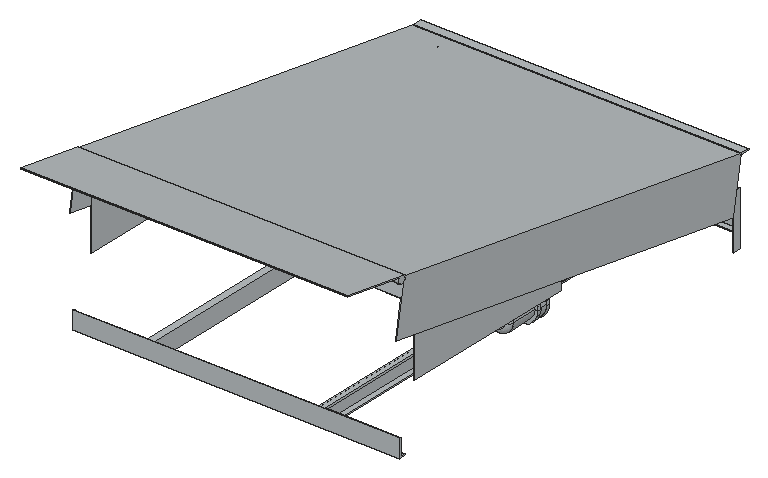
Revit family "DockEquipment_Leveler_Pentalift_HD-HC", category Specialty Equipment, host Face, Revit 2026
Family settings
  Host = Face
  Round Connector Dimension = Use Diameter
  Part Type = Normal
  Enable Cutting in Views = No
  Cut with Voids When Loaded = No
  Maintain Annotation Orientation = No
  Shared = No
  Room Calculation Point = No
Parameters
  XDim [instance] = if(Incline Angle = 0.00°, 0' 0", Unit Length - (InclHeight / tan(Incline Angle)))  # 0' - 1.45846"
  Warranty Duration (Years) = 0
  Unit Width = 6' - 0"
  Unit Length = 8' - 0"
  Unit Depth = 1' - 7"
  URL = "http://www.pentalift.com/index.php"
  Test Data = ""
  Specification = ""
  SpecWizard = ""
  Send Message = "http://www.arcat.com/users.pl?action=UserEmail&company=Pentalift Equipment Corp.&coid=34752&rep=119&fax=519-763-2894&mf="
  Sales Information = "http://www.pentalift.com/about-us.htm"
  Roll Off Edge = no
  Revision = "R1_1_2012"
  Product Properties = ""
  Product Data = "http://www.arcat.com/arcatcos/cos34/arc34752.html"
  PistonAngle [instance] = atan((Unit Depth + InclHeight - 0' 1 1/2") / ((Unit Length / 2) - 0' 3" - XDim))  # 38.1239°
  Piston Length [instance] = (((Unit Length / 2) - 0' 3" - XDim) / cos(PistonAngle)) - 0' 3"  # 4' - 4.34863"
  PL/2 [instance] = Piston Length / 2  # 2' - 2.17431"
  PF Length = Unit Length - 0' 2 1/8"  # 7' - 9 7/8"
  Model = "As Specified"
  Max Angle = 10.00°
  Material = Metal - Steel - Pentalift - Painted - Gray
  Manufacturer Website = "http://www.pentalift.com/index.php"
  Manufacturer Phone - Toll Free = ""
  Manufacturer Phone = "519-763-3625"
  Manufacturer Fax = "519-763-2894"
  Manufacturer Address = "21 Nicholas Beaver Rd. Guelph, ON, Canada N1H 6H9 "
  Manufacturer = "Pentalift Equipment Corp."
  Maintenance Schedule (Months) = 0
  Lip Length [instance] = 1' - 4"
  Lip Angle [instance] = 0.00°
  Keynote = "11160"
  Installation-Fabrication = ""
  Installation Phase = ""
  Incline Angle [instance] = 10.00°
  InclHeight [instance] = Unit Length * sin(Incline Angle)  # 1' - 4.67023"
  Green Building-LEED = ""
  Expected Lifespan (Years) = 0
  Drawn By = "Sumex Design, Inc. / Robert S. Weygant, CSI, CDT, SCIP"
  Description = "Pentalift Dock Equipment as Specified"
  Default Elevation = 4' - 0"
  Copyright = "©Arcat Inc."
  Construction Details = "http://www.arcat.com/details/pentalif/pentalif.html?coid=34752"
  Capacity (Weight) = 100.00 kip
  Building Codes = ""
  Assembly Code = "E1030300"
Reference planes (in)
  plane 1 "Center (Front/Back)": y = 0
  plane 2: z = 0
  plane 3 "Center (Left/Right)": x = 0
  plane 4: y = 45.875
  plane 5: y = -48
  plane 6: x = -36
  plane 7: x = 36
  plane 8: z = -19
  plane 9: x = -18
  plane 10: x = 18
  plane 11: y = -3
  plane 12: z = -17.5
  plane 13: z = -15
  plane 14: y = 48
Forms (in)
  Extrusion 1, void
    sketch origin (0, 0, 0) x (1, 0, 0) y (0, 1, 0)
      loop
        line (-36, -48) -> (36, -48) -> (36, 48) -> (-36, 48) -> (-36, -48)
    from 0 to -19
  Sweep 2, solid, material "Metal - Steel - Pentalift - Painted - Gray" <- "Material"
    path origin (-15.17702, -180, -19) x (-1, 0, 0) y (0, -1, 0)
      loop
        line (2.82298, -225.875) -> (2.82298, -132)
    profile origin (-18, -1.0625, -19) x (1, 0, 0) y (0, 0, 1)
      loop
        line (0, 0) -> (0, 4) -> (-1.5, 4) -> (-1.5, 3.75) -> (-0.25, 3.75) -> (-0.25, 0.25) -> (-1.5, 0.25) -> (-1.5, 0) -> (0, 0)
  Sweep 3, solid, material "Metal - Steel - Pentalift - Painted - Gray" <- "Material"
    path origin (-15.17702, -180, -19) x (-1, 0, 0) y (0, -1, 0)
      loop
        line (-33.17702, -225.875) -> (-33.17702, -132)
    profile origin (18, -1.0625, -19) x (1, 0, 0) y (0, 0, 1)
      loop
        line (0, 0) -> (1.5, 0) -> (1.5, 0.25) -> (0.25, 0.25) -> (0.25, 3.75) -> (1.5, 3.75) -> (1.5, 4) -> (0, 4) -> (0, 0)
  Sweep 4, solid, material "Metal - Steel - Pentalift - Painted - Gray" <- "Material"
    path origin (-15.17702, -180, -19) x (-1, 0, 0) y (0, -1, 0)
      loop
        line (20.82298, -132) -> (-51.17702, -132)
    profile origin (0, -48, -19) x (0, 1, 0) y (0, 0, 1)
      loop
        line (0, 0) -> (1.5, 0) -> (1.5, 0.25) -> (0.25, 0.25) -> (0.25, 4) -> (0, 4) -> (0, 0)
  Sweep 5, solid, material "Metal - Steel - Pentalift - Painted - Gray" <- "Material"
    path origin (-15.17702, -180, -19) x (-1, 0, 0) y (0, -1, 0)
      loop
        line (20.57298, -225.875) -> (-50.92702, -225.875)
    profile origin (0, 45.875, -19) x (0, 1, 0) y (0, 0, 1)
      loop
        line (0, 4) -> (0, 6) -> (-0.25, 6) -> (-0.25, 4.25) -> (-1.5, 4.25) -> (-1.5, 4) -> (0, 4)
  Sweep 6, solid, material "Metal - Steel - Pentalift - Painted - Gray" <- "Material"
    path origin (-15.17702, -180, -19) x (-1, 0, 0) y (0, -1, 0)
      loop
        line (2.82298, -180) -> (-33.17702, -180)
    profile origin (0, 0, -19) x (0, 1, 0) y (0, 0, 1)
      loop
        line (1.5, 3) -> (-1.5, 3) -> (-1.5, 0) -> (1.5, 0) -> (1.5, 3)
  Sweep 7, solid, material "Metal - Steel - Pentalift - Painted - Gray" <- "Material"
    path origin (-11.83813, 45.875, 48) x (-1, 0, 0) y (0, 0, 1)
      loop
        line (6.16187, -62.75) -> (6.16187, -48.75)
    profile origin (-18, 45.875, -7.75) x (1, 0, 0) y (0, 1, 0)
      loop
        line (-1.25, -0.25) -> (-1.25, -1.5) -> (-1, -1.5) -> (-1, -0.5) -> (1, -0.5) -> (1, -1.5) -> (1.25, -1.5) -> (1.25, -0.25) -> (-1.25, -0.25)
  Sweep 8, solid, material "Metal - Steel - Pentalift - Painted - Gray" <- "Material"
    path origin (24.16187, 45.875, 48) x (-1, 0, 0) y (0, 0, 1)
      loop
        line (6.16187, -62.75) -> (6.16187, -48.75)
    profile origin (18, 45.875, -7.75) x (1, 0, 0) y (0, 1, 0)
      loop
        line (-1.25, -0.25) -> (-1.25, -1.5) -> (-1, -1.5) -> (-1, -0.5) -> (1, -0.5) -> (1, -1.5) -> (1.25, -1.5) -> (1.25, -0.25) -> (-1.25, -0.25)
  Sweep 9, solid, material "Metal - Steel - Pentalift - Painted - Gray" <- "Material"
    path origin (6.16187, 45.875, 48) x (-1, 0, 0) y (0, 0, 1)
      loop
        line (6.16187, -62.75) -> (6.16187, -48.75)
    profile origin (0, 45.875, -7.75) x (1, 0, 0) y (0, 1, 0)
      loop
        line (-1.25, -0.25) -> (-1.25, -1.5) -> (-1, -1.5) -> (-1, -0.5) -> (1, -0.5) -> (1, -1.5) -> (1.25, -1.5) -> (1.25, -0.25) -> (-1.25, -0.25)
  Extrusion 10, solid, material "Metal - Steel - Pentalift - Painted - Gray" <- "Material"
    sketch origin (-15.17702, -180, -19) x (-1, 0, 0) y (0, -1, 0)
      loop
        line (20.57298, -225.875) -> (20.57298, -224.375) -> (20.32298, -224.375) -> (20.32298, -225.875) -> (20.57298, -225.875)
      loop
        line (-50.92702, -225.875) -> (-50.67702, -225.875) -> (-50.67702, -224.375) -> (-50.92702, -224.375) -> (-50.92702, -225.875)
    from 0 to 12
  Revolve 11, solid, material "Metal - Steel - Pentalift - Painted - Gray" <- "Material"
    sketch origin (0, -3, -17.5) x (0, -0.786678, 0.617364) y (0, -0.617364, -0.786678)
      loop
        line (0, 0) -> (26.17431, 0) -> (26.17431, 1.75) -> (25.42431, 1.75) -> (25.42431, 1.5) -> (0, 1.5) -> (0, 0)
      axis (0, 0) -> (26.17431, 0)
    angle from 0 to 360
  Revolve 12, solid, material "Metal - Chrome - Pentalift - Polished"
    sketch origin (0, -3, -17.5) x (0, -0.786678, 0.617364) y (0, -0.617364, -0.786678)
      loop
        line (26.17431, 0) -> (52.34863, 0) -> (52.34863, 1) -> (26.17431, 1) -> (26.17431, 0)
      axis (26.17431, 0) -> (52.34863, 0)
    angle from 0 to 360
  Extrusion 13, solid, material "Metal - Steel - Pentalift - Painted - Gray" <- "Material"
    sketch origin (0, 0, 0) x (0, 1, 0) y (0, 0, 1)
      loop
        line (-1.5, -19) -> (-1.5, -16.5) -> (-2.12622, -16.5)
        arc (-2.12622, -16.5) -> (-3.45118, -17.04882) -> (-4, -18.37378) r 1.87378
        line (-4, -18.37378) -> (-4, -19) -> (-1.5, -19)
    from -2 to 2
  Revolve 14, solid, material "Metal - Steel - Pentalift - Painted - Gray" <- "Material"
    sketch origin (19.5, -180, -15) x (-1, 0, 0) y (0, -1, 0)
      loop
        line (-3.73275, -185.65682) -> (-1.48275, -185.65682)
        arc (-1.48275, -185.65682) -> (-1.1292, -185.51037) -> (-0.98275, -185.15682) r 0.5
        line (-0.98275, -185.15682) -> (-0.98275, -184.65682) -> (-0.23275, -184.65682) -> (-0.23275, -184.15682) -> (-0.48275, -184.15682) -> (-0.48275, -182.40682) -> (-0.23275, -182.40682) -> (-0.23275, -181.65682) -> (-0.98275, -181.65682) -> (-0.98275, -175.90682)
        arc (-0.98275, -175.90682) -> (-1.27564, -175.19971) -> (-1.98275, -174.90682) r 1
        line (-1.98275, -174.90682) -> (-3.73275, -174.90682) -> (-3.73275, -185.65682)
      axis (-3.73275, -185.65682) -> (-3.73275, -174.90682)
    angle from 0 to 360
  Extrusion 15, solid, material "Metal - Steel - Pentalift - Painted - Gray" <- "Material"
    sketch origin (0, 0, 0) x (1, 0, 0) y (0, 1, 0)
      loop
        line (-36, 48) -> (-36, 45.875) -> (36, 45.875) -> (36, 48) -> (-36, 48)
    from 0 to -0.25
Cuts and joins
  joined: Sweep 2, Sweep 3, Sweep 4, Sweep 5, Sweep 6, Sweep 7, Sweep 8, Sweep 9, Extrusion 10
Lines and regions (in)
  reference lines
    curve 1: line (0, 45.875, 0) -> (0, -28.97039, 13.19726)
    curve 2: line (0, -3, -17.5) -> (0, -44.69393, 15.22027)
Text (in)
  text "Needs electrical connection - assume this would connect to hydraulic motor..." at (51.60765, 15.26914, 0), in view "Ref. Level"
Dimensions and locks (in)
  "Unit Depth": level to plane 8
  equal spacing: plane 14, plane 1 "Center (Front/Back)", plane 5
  equal spacing: plane 6, plane 3 "Center (Left/Right)", plane 7
  "Unit Width": plane 6 to plane 7
  equal spacing: plane 6, plane 9, plane 3 "Center (Left/Right)"
  locked: plane 1 "Center (Front/Back)" to plane 11 at 3
  locked: plane 12 to plane 8 at 1.5
  equal spacing: plane 3 "Center (Left/Right)", plane 10, plane 7
  "PL/2": curve 2 to Revolve 11 sketch curve
  locked: Revolve 11 sketch curve to Revolve 11 sketch curve at 0.75
  "PL/2": Revolve 12 sketch curve to curve 2
  "Piston Length": curve 2 to Revolve 12 sketch curve
  locked: plane 13 to plane 12 at 2.5
  locked: plane 14 to plane 4 at 2.125
  "Unit Length": plane 14 to plane 5
  "Incline Angle": angle level to curve 1
  "PistonAngle": angle plane 12 to curve 2
  aligned and locked: plane 2 to host face
  aligned and locked: level to host face
  aligned and locked: Extrusion 1 to plane 8
Automatic sketch dimensions
  host sketch curve to host sketch curve = 8' - 0"
  host sketch curve to host sketch curve = 9' - 11.43093"
  curve 2 to plane 11 = 0' - 0"
  curve 1 to level = 0' - 0"
  curve 1 to plane 4 = 0' - 0"
  curve 2 to plane 12 = 0' - 0"
  Sweep 2 sketch curve to plane 5 = 0' - 0"
  Sweep 2 sketch curve to plane 9 = 0' - 0"
  Sweep 2 sketch curve to plane 4 = 0' - 0"
  Sweep 2 sketch curve to plane 8 = 0' - 0"
  Sweep 2 sketch curve to profile plane = 0' - 0"
  profile plane to Sweep 2 sketch curve = 0' - 0 1/4"
  plane 8 to Sweep 2 sketch curve = 0' - 0 1/4"
  Sweep 2 sketch curve to Sweep 2 sketch curve = 0' - 1 1/4"  (x2)
  Sweep 2 sketch curve to Sweep 2 sketch curve = 0' - 3 1/2"
  Sweep 2 sketch curve to Sweep 2 sketch curve = 0' - 0 1/4"
  Sweep 3 sketch curve to plane 5 = 0' - 0"
  Sweep 3 sketch curve to plane 10 = 0' - 0"
  Sweep 3 sketch curve to plane 4 = 0' - 0"
  Sweep 3 sketch curve to profile plane = 0' - 0"
  Sweep 3 sketch curve to plane 8 = 0' - 0"
  Sweep 3 sketch curve to profile plane = 0' - 0 1/4"
  Sweep 3 sketch curve to Sweep 3 sketch curve = 0' - 1 1/4"  (x2)
  Sweep 3 sketch curve to Sweep 3 sketch curve = 0' - 0 1/4"  (x2)
  Sweep 3 sketch curve to Sweep 3 sketch curve = 0' - 3 1/2"
  Sweep 4 sketch curve to plane 5 = 0' - 0"
  Sweep 4 sketch curve to plane 7 = 0' - 0"
  Sweep 4 sketch curve to plane 6 = 0' - 0"
  Sweep 4 sketch curve to profile plane = 0' - 0"
  Sweep 4 sketch curve to plane 8 = 0' - 0"
  Sweep 4 sketch curve to profile plane = 0' - 0 1/4"
  Sweep 4 sketch curve to Sweep 4 sketch curve = 0' - 1 1/4"
  plane 8 to Sweep 4 sketch curve = 0' - 0 1/4"
  Sweep 4 sketch curve to Sweep 4 sketch curve = 0' - 3 3/4"
  Sweep 5 sketch curve to plane 4 = 0' - 0"
  Sweep 5 sketch curve to plane 7 = 0' - 0 1/4"
  plane 6 to Sweep 5 sketch curve = 0' - 0 1/4"
  Sweep 5 sketch curve to profile plane = 0' - 0"
  profile plane to Sweep 5 sketch curve = 0' - 0 1/4"
  Sweep 5 sketch curve to Sweep 5 sketch curve = 0' - 1 1/4"
  plane 8 to Sweep 5 sketch curve = 0' - 4"
  Sweep 5 sketch curve to Sweep 5 sketch curve = 0' - 0 1/4"
  Sweep 5 sketch curve to Sweep 5 sketch curve = 0' - 1 3/4"
  Sweep 6 sketch curve to plane 1 "Center (Front/Back)" = 0' - 0"
  Sweep 6 sketch curve to plane 10 = 0' - 0"
  Sweep 6 sketch curve to plane 9 = 0' - 0"
  Sweep 6 sketch curve to plane 8 = 0' - 0"
  profile plane to Sweep 6 sketch curve = 0' - 1 1/2"
  Sweep 6 sketch curve to profile plane = 0' - 1 1/2"
  plane 8 to Sweep 6 sketch curve = 0' - 3"
  Sweep 7 sketch curve to plane 9 = 0' - 0"
  plane 13 to Sweep 7 sketch curve = 0' - 0 1/4"
  Sweep 7 sketch curve to level = 0' - 0 3/4"
  profile plane to Sweep 7 sketch curve = 0' - 1 1/4"
  Sweep 7 sketch curve to Sweep 7 sketch curve = 0' - 0 1/4"  (x2)
  Sweep 7 sketch curve to plane 4 = 0' - 0 1/2"
  Sweep 7 sketch curve to profile plane = 0' - 1"
  Sweep 7 sketch curve to Sweep 7 sketch curve = 0' - 1"  (x2)
  Sweep 7 sketch curve to plane 4 = 0' - 0 1/4"
  Sweep 8 sketch curve to plane 10 = 0' - 0"
  plane 13 to Sweep 8 sketch curve = 0' - 0 1/4"
  Sweep 8 sketch curve to level = 0' - 0 3/4"
  profile plane to Sweep 8 sketch curve = 0' - 1 1/4"
  Sweep 8 sketch curve to Sweep 8 sketch curve = 0' - 0 1/4"  (x2)
  Sweep 8 sketch curve to plane 4 = 0' - 0 1/2"
  Sweep 8 sketch curve to profile plane = 0' - 1"
  Sweep 8 sketch curve to Sweep 8 sketch curve = 0' - 1"  (x2)
  Sweep 8 sketch curve to plane 4 = 0' - 0 1/4"
  Sweep 9 sketch curve to plane 3 "Center (Left/Right)" = 0' - 0"
  plane 13 to Sweep 9 sketch curve = 0' - 0 1/4"
  Sweep 9 sketch curve to level = 0' - 0 3/4"
  profile plane to Sweep 9 sketch curve = 0' - 1 1/4"
  Sweep 9 sketch curve to Sweep 9 sketch curve = 0' - 0 1/4"  (x2)
  Sweep 9 sketch curve to plane 4 = 0' - 0 1/2"
  Sweep 9 sketch curve to profile plane = 0' - 1"
  Sweep 9 sketch curve to Sweep 9 sketch curve = 0' - 1"  (x2)
  Sweep 9 sketch curve to plane 4 = 0' - 0 1/4"
  Extrusion 10 sketch curve to plane 4 = 0' - 0"  (x2)
  Extrusion 10 sketch curve to plane 7 = 0' - 0 1/4"
  Extrusion 10 sketch curve to Extrusion 10 sketch curve = 0' - 0 1/4"
  plane 6 to Extrusion 10 sketch curve = 0' - 0 1/2"
  plane 6 to Extrusion 10 sketch curve = 0' - 0 1/4"
  Extrusion 10 sketch curve to plane 4 = 0' - 1 1/2"  (x2)
  Revolve 11 sketch curve to curve 2 = 0' - 0"  (x3)
  curve 2 to Revolve 11 sketch curve = 0' - 1 1/2"
  Revolve 11 sketch curve to curve 2 = 0' - 1"
  Revolve 11 sketch curve to Revolve 11 sketch curve = 0' - 5 1/2"
  Revolve 11 sketch curve to Revolve 11 sketch curve = 0' - 0 1/4"
  Revolve 12 sketch curve to curve 2 = 0' - 0"  (x2)
  Revolve 12 sketch curve to curve 2 = 0' - 1"  (x2)
  Revolve 12 sketch curve to Revolve 12 sketch curve = 0' - 5 1/2"
  Extrusion 13 sketch curve to plane 8 = 0' - 0"
  plane 11 to Extrusion 13 sketch curve = 0' - 1"
  Extrusion 13 sketch curve to plane 11 = 0' - 0.87378"
  Extrusion 13 sketch curve to Extrusion 13 sketch curve = 0' - 0.62622"  (x2)
  plane 10 to Revolve 14 sketch curve = 0' - 5.23275"
  Revolve 14 sketch curve to Revolve 14 sketch curve = 0' - 0"
  Revolve 14 sketch curve to Revolve 14 sketch curve = 0' - 1 3/4"  (x2)
  Revolve 14 sketch curve to Revolve 14 sketch curve = 0' - 2 1/4"
  Revolve 14 sketch curve to Revolve 14 sketch curve = 0' - 1"
  Revolve 14 sketch curve to Revolve 14 sketch curve = 0' - 0 1/2"  (x4)
  Revolve 14 sketch curve to Revolve 14 sketch curve = 0' - 0 1/4"  (x2)
  Revolve 14 sketch curve to plane 1 "Center (Front/Back)" = 0' - 6.90682"
  Revolve 14 sketch curve to Revolve 14 sketch curve = 0' - 1 1/4"
  Revolve 14 sketch curve to Revolve 14 sketch curve = 0' - 0 3/4"
  plane 11 to Revolve 14 sketch curve = 0' - 1.09318"
  Revolve 14 sketch curve to Revolve 14 sketch curve = 0' - 4 1/4"
  Extrusion 1 sketch curve to plane 5 = 0' - 0"
  Extrusion 1 sketch curve to plane 6 = 0' - 0"
  Extrusion 1 sketch curve to plane 7 = 0' - 0"
  Extrusion 1 sketch curve to plane 14 = 0' - 0"
  Extrusion 15 sketch curve to plane 4 = 0' - 0"
  Extrusion 15 sketch curve to plane 6 = 0' - 0"
  Extrusion 15 sketch curve to plane 7 = 0' - 0"
  Extrusion 15 sketch curve to plane 14 = 0' - 0"
Nested families (in)
  nested 1: "Platform_HD" at (0, -0.34941, 8.15061) x (1, 0, 0) z (0, 0.1736, 0.9848), Material <- "Material", Unit Width <- "Unit Width", Unit Length <- "PF Length", Lip Length <- "Lip Length", Lip Angle <- "Lip Angle", Flap Angle <- "Incline Angle", Max Angle <- "Max Angle", Roll Off Edge <- "Roll Off Edge", type "Platform_HD"
    with offset 0' - 0", ll 1' - 3 1/4", Unit Width 6' - 0", Unit Length 7' - 9 7/8", Roll Off Edge no, Max Angle 10.00°, Material Metal - Steel - Pentalift - Painted - Gray, Lip Length 1' - 4", Lip Angle 0.00°, FlapLength 3' - 4 15/16", Flap Angle 10.00°, EdgeExt 0' - 0 3/4"
Definition of nested family "Platform_HD"
  Parameters
    offset [instance] = 0' - 0"
    ll [instance] = Lip Length - 0' 0 3/4"  # 1' - 3 1/4"
    Warranty Duration (Years) = 0
    Unit Width [instance] = 6' - 0"
    Unit Length [instance] = 10' - 0"
    Unit Depth = 1' - 0"
    URL = "http://www.pentalift.com/index.php"
    Specification = ""
    SpecWizard = ""
    Send Message = "http://www.arcat.com/users.pl?action=UserEmail&company=Pentalift Equipment Corp.&coid=34752&rep=119&fax=519-763-2894&mf="
    Sales Information = "http://www.pentalift.com/about-us.htm"
    Roll Off Edge [instance] = no
    Revision = "R1_01-2012"
    Product Properties = ""
    Product Data = "http://www.arcat.com/arcatcos/cos34/arc34752.html"
    Model = "As Specified"
    Max Angle [instance] = 10.00°
    Material [instance] = none
    Manufacturer Website = "http://www.pentalift.com/index.php"
    Manufacturer Phone - Toll Free = ""
    Manufacturer Phone = "519-763-3625 "
    Manufacturer Fax = "519-763-2894"
    Manufacturer Address = "21 Nicholas Beaver Rd. Guelph, ON, Canada N1H 6H9 "
    Manufacturer = "Pentalift Equipment Corp."
    Maintenance Schedule (Months) = 0
    Lip Length [instance] = 1' - 4"
    Lip Angle [instance] = 15.00°
    Keynote = "11160"
    Installation-Fabrication = ""
    Installation Phase = ""
    Green Building-LEED = ""
    FlapLength [instance] = (Unit Length / 2) - 0' 6"  # 4' - 6"
    Flap Angle [instance] = 0.00°
    Expected Lifespan (Years) = 0
    EdgeExt [instance] = if(Roll Off Edge, 0' 8 1/2", 0' 0 3/4")  # 0' - 0 3/4"
    Drawn By = "Sumex Design, Inc. / Robert S. Weygant, CSI, CDT, SCIP"
    Description = "Pentalift Dock Equipment as Specified"
    Default Elevation = 4' - 0"
    Copyright = "©Arcat Inc."
    Construction Details = "http://www.arcat.com/details/pentalif/pentalif.html?coid=34752"
    Assembly Code = "E1030300"
  Reference planes (in)
    plane 1 "Center (Front/Back)": y = 0
    plane 2 "Bottom": z = 0
    plane 3 "Center (Left/Right)": x = 0
    plane 4 "Front": y = -60
    plane 5 "Back": y = 60
    plane 6 "Left": x = -36
    plane 7 "Right": x = 36
    plane 8 "Top": z = -12
    plane 9: y = -60.75
    plane 10: z = -0.5
    plane 11: x = -28
    plane 12: x = -20
    plane 13: x = -12
    plane 14: x = -4
    plane 15: x = 4
    plane 16: x = 12
    plane 17: x = 20
    plane 18: x = 28
  Forms (in)
    Extrusion 1, solid, material <- "Material"
      sketch origin (0, 0, 0) x (1, 0, 0) y (0, 1, 0)
        loop
          line (-36, 60) -> (-36, -60) -> (36, -60) -> (36, 60) -> (-36, 60)
      from 0 to -0.25
    Extrusion 2, solid, material <- "Material"
      sketch origin (-11.94222, -60, 48) x (-1, 0, 0) y (0, 0, 1)
        loop
          line (24.05778, -48) -> (-47.94222, -48) -> (-47.94222, -52) -> (24.05778, -52) -> (24.05778, -48)
      from 0 to 0.25
    Extrusion 3, solid, material <- "Material"
      sketch origin (-11.94222, 60, 48) x (-1, 0, 0) y (0, 0, 1)
        loop
          line (24.05778, -48) -> (-47.94222, -48) -> (-47.94222, -52) -> (24.05778, -52) -> (24.05778, -48)
      from 0 to -0.25
    Extrusion 4, solid, material <- "Material"
      sketch origin (-36, 16.34522, 48) x (0, 1, 0) y (0, 0, 1)
        loop
          line (43.65478, -48) -> (-76.34522, -48) -> (-76.34522, -60) -> (43.65478, -60) -> (43.65478, -48)
      from 0 to 0.25
    Extrusion 5, solid, material <- "Material"
      sketch origin (36, 16.34522, 48) x (0, 1, 0) y (0, 0, 1)
        loop
          line (43.65478, -48) -> (-76.34522, -48) -> (-76.34522, -60) -> (43.65478, -60) -> (43.65478, -48)
      from 0 to -0.25
    Extrusion 6, solid, material <- "Material"
      sketch origin (0, -60.75, -0.5) x (0, -0.965926, -0.258819) y (0, 0.258819, -0.965926)
        loop
          line (-0.75, -0.75) -> (15.25, -0.75) -> (15.25, -0.5) -> (0.55902, -0.5)
          arc (0.55902, -0.5) -> (0, 0.75) -> (-0.55902, -0.5) r 0.75
          line (-0.55902, -0.5) -> (-0.75, -0.5) -> (-0.75, -0.75)
      from -36 to 36
    Extrusion 7, solid, material <- "Material"
      sketch origin (-11.94222, -60, 48) x (-1, 0, 0) y (0, 0, 1)
        loop
          line (16.80778, -48.25) -> (15.30778, -48.25) -> (15.30778, -51.75) -> (16.80778, -51.75) -> (16.80778, -48.25)
        loop
          line (8.80778, -48.25) -> (7.30778, -48.25) -> (7.30778, -51.75) -> (8.80778, -51.75) -> (8.80778, -48.25)
        loop
          line (0.80778, -48.25) -> (-0.69222, -48.25) -> (-0.69222, -51.75) -> (0.80778, -51.75) -> (0.80778, -48.25)
        loop
          line (-7.19222, -48.25) -> (-8.69222, -48.25) -> (-8.69222, -51.75) -> (-7.19222, -51.75) -> (-7.19222, -48.25)
        loop
          line (-15.19222, -48.25) -> (-16.69222, -48.25) -> (-16.69222, -51.75) -> (-15.19222, -51.75) -> (-15.19222, -48.25)
        loop
          line (-23.19222, -48.25) -> (-24.69222, -48.25) -> (-24.69222, -51.75) -> (-23.19222, -51.75) -> (-23.19222, -48.25)
        loop
          line (-31.19222, -48.25) -> (-32.69222, -48.25) -> (-32.69222, -51.75) -> (-31.19222, -51.75) -> (-31.19222, -48.25)
        loop
          line (-39.19222, -48.25) -> (-40.69222, -48.25) -> (-40.69222, -51.75) -> (-39.19222, -51.75) -> (-39.19222, -48.25)
        loop
          line (-11.81722, -48.25) -> (-12.06722, -48.25) -> (-12.06722, -50.5) -> (-11.81722, -50.5) -> (-11.81722, -48.25)
      from 0 to 120
    Extrusion 8, solid, material <- "Material"
      sketch origin (0, 0, -12) x (0, -1, 0) y (0, 0, -1)
        loop
          line (0.72794, 2) -> (0.72794, -2.3933) -> (54, -11.78661) -> (54, 2) -> (0.72794, 2)
      from -35.75 to -35.5
    Extrusion 9, solid, material <- "Material"
      sketch origin (0, 0, -12) x (0, -1, 0) y (0, 0, -1)
        loop
          line (0.72794, 2) -> (0.72794, -2.3933) -> (54, -11.78661) -> (54, 2) -> (0.72794, 2)
      from 35.5 to 35.75
  Cuts and joins
    joined: Extrusion 1, Extrusion 2, Extrusion 3, Extrusion 4, Extrusion 5, Extrusion 7
  Lines and regions (in)
    reference lines
      curve 1: line (0, -60.75, -0.5) -> (0, -85.86407, -7.2293)
      curve 2: line (0, 0, -12) -> (0, -58.75, -12)
      curve 3: line (0, -60.75, -0.5) -> (0, -61.33234, 1.67333)
  Dimensions and locks (in)
    equal spacing: plane 6 "Left", plane 3 "Center (Left/Right)", plane 7 "Right"
    "Unit Width": plane 6 "Left" to plane 7 "Right"
    equal spacing: plane 5 "Back", plane 1 "Center (Front/Back)", plane 4 "Front"
    "Unit Length": plane 5 "Back" to plane 4 "Front"
    "Unit Depth": level to plane 8 "Top"
    locked: plane 4 "Front" to plane 9 at 0.75
    locked: level to plane 10 at 0.5
    equal spacing: plane 6 "Left", plane 11, plane 12, plane 13, plane 14, plane 15, plane 16, plane 17, plane 18, plane 7 "Right"
    "FlapLength": Extrusion 8 sketch curve to curve 2
    locked: curve 2 to Extrusion 8 sketch curve at 2.3933
    locked: plane 6 "Left" to Extrusion 8 at 0.25
    locked: plane 6 "Left" to Extrusion 8 at 0.5
    locked: curve 2 to Extrusion 9 sketch curve at 2.3933
    "FlapLength": Extrusion 9 sketch curve to curve 2
    locked: Extrusion 9 to plane 7 "Right" at 0.25
    locked: Extrusion 9 to plane 7 "Right" at 0.5
    locked: level to curve 1 at 0.5
    "ll": Extrusion 6 sketch curve to curve 3
    "EdgeExt": curve 3 to Extrusion 6 sketch curve
    "Lip Angle": angle curve 1 to plane 10
    "Flap Angle": angle curve 2 to plane 8 "Top"
    "Max Angle": angle curve 2 to Extrusion 8 sketch curve
    "Max Angle": angle curve 2 to Extrusion 9 sketch curve
    aligned and locked: Extrusion 6 to plane 6 "Left"
    aligned and locked: Extrusion 6 to plane 7 "Right"
    aligned and locked: plane 5 "Back" to Extrusion 7
  Automatic sketch dimensions
    Extrusion 1 sketch curve to plane 4 "Front" = 0' - 0"
    Extrusion 1 sketch curve to plane 6 "Left" = 0' - 0"
    Extrusion 1 sketch curve to plane 7 "Right" = 0' - 0"
    Extrusion 1 sketch curve to plane 5 "Back" = 0' - 0"
    Extrusion 2 sketch curve to level = 0' - 0"
    Extrusion 2 sketch curve to plane 7 "Right" = 0' - 0"
    Extrusion 2 sketch curve to plane 6 "Left" = 0' - 0"
    Extrusion 2 sketch curve to level = 0' - 4"
    Extrusion 3 sketch curve to level = 0' - 0"
    Extrusion 3 sketch curve to plane 7 "Right" = 0' - 0"
    Extrusion 3 sketch curve to plane 6 "Left" = 0' - 0"
    Extrusion 3 sketch curve to level = 0' - 4"
    Extrusion 4 sketch curve to level = 0' - 0"
    Extrusion 4 sketch curve to plane 4 "Front" = 0' - 0"
    Extrusion 4 sketch curve to plane 5 "Back" = 0' - 0"
    Extrusion 4 sketch curve to plane 8 "Top" = 0' - 0"
    Extrusion 5 sketch curve to level = 0' - 0"
    Extrusion 5 sketch curve to plane 4 "Front" = 0' - 0"
    Extrusion 5 sketch curve to plane 5 "Back" = 0' - 0"
    Extrusion 5 sketch curve to plane 8 "Top" = 0' - 0"
    Extrusion 7 sketch curve to level = 0' - 0 1/4"  (x9)
    plane 18 to Extrusion 7 sketch curve = 0' - 0 3/4"
    Extrusion 7 sketch curve to plane 18 = 0' - 0 3/4"
    plane 17 to Extrusion 7 sketch curve = 0' - 0 3/4"
    Extrusion 7 sketch curve to plane 17 = 0' - 0 3/4"
    plane 16 to Extrusion 7 sketch curve = 0' - 0 3/4"
    Extrusion 7 sketch curve to plane 16 = 0' - 0 3/4"
    plane 15 to Extrusion 7 sketch curve = 0' - 0 3/4"
    Extrusion 7 sketch curve to plane 15 = 0' - 0 3/4"
    plane 3 "Center (Left/Right)" to Extrusion 7 sketch curve = 0' - 0 1/8"
    Extrusion 7 sketch curve to plane 3 "Center (Left/Right)" = 0' - 0 1/8"
    plane 14 to Extrusion 7 sketch curve = 0' - 0 3/4"
    Extrusion 7 sketch curve to plane 14 = 0' - 0 3/4"
    plane 13 to Extrusion 7 sketch curve = 0' - 0 3/4"
    Extrusion 7 sketch curve to plane 13 = 0' - 0 3/4"
    plane 12 to Extrusion 7 sketch curve = 0' - 0 3/4"
    Extrusion 7 sketch curve to plane 12 = 0' - 0 3/4"
    plane 11 to Extrusion 7 sketch curve = 0' - 0 3/4"
    Extrusion 7 sketch curve to plane 11 = 0' - 0 3/4"
    Extrusion 7 sketch curve to plane 10 = 0' - 2"
    Extrusion 7 sketch curve to plane 10 = 0' - 3 1/4"  (x8)
    curve 1 to plane 9 = 0' - 0"
    curve 2 to plane 1 "Center (Front/Back)" = 0' - 0"
    curve 2 to plane 8 "Top" = 0' - 0"
    curve 2 to Extrusion 9 sketch curve = 0' - 0.72794"
    curve 2 to Extrusion 9 sketch curve = 0' - 2"
    curve 2 to Extrusion 8 sketch curve = 0' - 0.72794"
    curve 2 to Extrusion 8 sketch curve = 0' - 2"
    curve 3 to curve 1 = 0' - 0"  (x2)
    curve 3 to curve 1 = 0' - 2 1/4"
    Extrusion 6 sketch curve to curve 1 = 0' - 0"  (x2)
    curve 1 to Extrusion 6 sketch curve = 0' - 0 1/2"
    curve 1 to Extrusion 6 sketch curve = 0' - 0 3/4"
    Extrusion 6 sketch curve to Extrusion 6 sketch curve = 0' - 0 1/4"
    Extrusion 6 sketch curve to Extrusion 6 sketch curve = 0' - 0"
    radius of Extrusion 6 sketch curve = 0' - 0 3/4"
